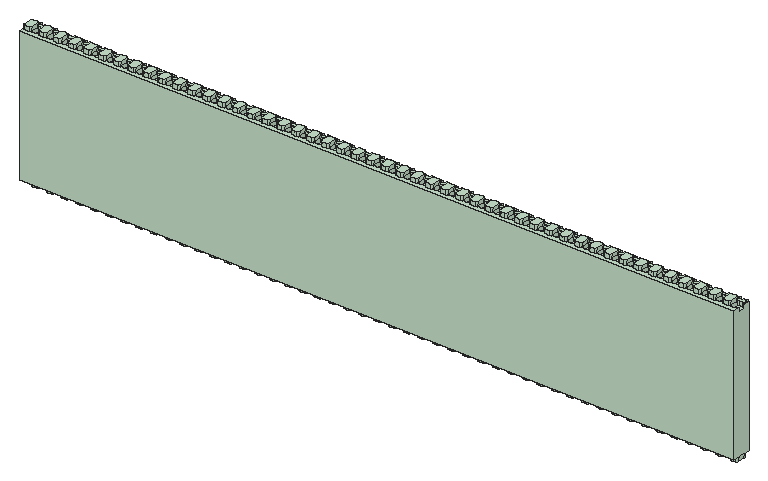
Revit family (continued)
Forms (mm)
  Extrusion 54, void
    sketch origin (254, -76.261, 0) x (-1, 0, 0) y (0, -1, 0)
      loop
        line (44.346, 92.457) -> (44.346, 86.829) -> (48.685, 86.829) -> (48.685, 95.62)
        arc (48.685, 95.62) -> (48.795, 96.199) -> (49.108, 96.698) r 1.588
        arc (49.108, 96.698) -> (50.362, 98.696) -> (50.8, 101.014) r 6.35
        line (50.8, 101.014) -> (50.8, 124.411)
        arc (50.8, 124.411) -> (49.585, 128.147) -> (46.404, 130.453) r 6.35
        arc (46.404, 130.453) -> (38.1, 131.763) -> (29.796, 130.453) r 26.987
        arc (29.796, 130.453) -> (26.615, 128.147) -> (25.4, 124.411) r 6.35
    from 0 to 12.7
  Extrusion 55, void
    sketch origin (304.8, -76.261, 0) x (-1, 0, 0) y (0, -1, 0)
      loop
        line (25.4, 124.411) -> (25.4, 101.014)
        arc (25.4, 101.014) -> (26.615, 97.278) -> (29.796, 94.972) r 6.35
        arc (29.796, 94.972) -> (36.091, 93.737) -> (42.5, 94.024) r 26.988
        arc (42.5, 94.024) -> (43.786, 93.668) -> (44.346, 92.457) r 1.587
        line (44.346, 92.457) -> (44.346, 86.829) -> (48.685, 86.829) -> (48.685, 95.62)
        arc (48.685, 95.62) -> (48.795, 96.199) -> (49.108, 96.698) r 1.588
        arc (49.108, 96.698) -> (50.362, 98.696) -> (50.8, 101.014) r 6.35
        line (50.8, 101.014) -> (50.8, 124.411)
        arc (50.8, 124.411) -> (49.585, 128.147) -> (46.404, 130.453) r 6.35
        arc (46.404, 130.453) -> (38.1, 131.763) -> (29.796, 130.453) r 26.987
        arc (29.796, 130.453) -> (26.615, 128.147) -> (25.4, 124.411) r 6.35
    from 0 to 12.7
  Extrusion 56, void
    sketch origin (355.6, -76.261, 0) x (-1, 0, 0) y (0, -1, 0)
      loop
        line (25.4, 124.411) -> (25.4, 101.014)
        arc (25.4, 101.014) -> (26.615, 97.278) -> (29.796, 94.972) r 6.35
        arc (29.796, 94.972) -> (36.091, 93.737) -> (42.5, 94.024) r 26.988
        arc (42.5, 94.024) -> (43.786, 93.668) -> (44.346, 92.457) r 1.587
        line (44.346, 92.457) -> (44.346, 86.829) -> (48.685, 86.829) -> (48.685, 95.62)
        arc (48.685, 95.62) -> (48.795, 96.199) -> (49.108, 96.698) r 1.588
        arc (49.108, 96.698) -> (50.362, 98.696) -> (50.8, 101.014) r 6.35
        line (50.8, 101.014) -> (50.8, 124.411)
        arc (50.8, 124.411) -> (49.585, 128.147) -> (46.404, 130.453) r 6.35
        arc (46.404, 130.453) -> (38.1, 131.763) -> (29.796, 130.453) r 26.987
        arc (29.796, 130.453) -> (26.615, 128.147) -> (25.4, 124.411) r 6.35
    from 0 to 12.7
  Extrusion 57, void
    sketch origin (406.4, -76.261, 0) x (-1, 0, 0) y (0, -1, 0)
      loop
        line (25.4, 124.411) -> (25.4, 101.014)
        arc (25.4, 101.014) -> (26.615, 97.278) -> (29.796, 94.972) r 6.35
        arc (29.796, 94.972) -> (36.091, 93.737) -> (42.5, 94.024) r 26.988
        arc (42.5, 94.024) -> (43.786, 93.668) -> (44.346, 92.457) r 1.587
        line (44.346, 92.457) -> (44.346, 86.829) -> (48.685, 86.829) -> (48.685, 95.62)
        arc (48.685, 95.62) -> (48.795, 96.199) -> (49.108, 96.698) r 1.588
        arc (49.108, 96.698) -> (50.362, 98.696) -> (50.8, 101.014) r 6.35
        line (50.8, 101.014) -> (50.8, 124.411)
        arc (50.8, 124.411) -> (49.585, 128.147) -> (46.404, 130.453) r 6.35
        arc (46.404, 130.453) -> (38.1, 131.763) -> (29.796, 130.453) r 26.987
        arc (29.796, 130.453) -> (26.615, 128.147) -> (25.4, 124.411) r 6.35
    from 0 to 12.7
  Extrusion 58, void
    sketch origin (457.2, -76.261, 0) x (-1, 0, 0) y (0, -1, 0)
      loop
        line (25.4, 124.411) -> (25.4, 101.014)
        arc (25.4, 101.014) -> (26.615, 97.278) -> (29.796, 94.972) r 6.35
        arc (29.796, 94.972) -> (36.091, 93.737) -> (42.5, 94.024) r 26.988
        arc (42.5, 94.024) -> (43.786, 93.668) -> (44.346, 92.457) r 1.587
        line (44.346, 92.457) -> (44.346, 86.829) -> (48.685, 86.829) -> (48.685, 95.62)
        arc (48.685, 95.62) -> (48.795, 96.199) -> (49.108, 96.698) r 1.588
        arc (49.108, 96.698) -> (50.362, 98.696) -> (50.8, 101.014) r 6.35
        line (50.8, 101.014) -> (50.8, 124.411)
        arc (50.8, 124.411) -> (49.585, 128.147) -> (46.404, 130.453) r 6.35
        arc (46.404, 130.453) -> (38.1, 131.763) -> (29.796, 130.453) r 26.987
        arc (29.796, 130.453) -> (26.615, 128.147) -> (25.4, 124.411) r 6.35
    from 0 to 12.7
  Extrusion 59, void
    sketch origin (508, -76.261, 0) x (-1, 0, 0) y (0, -1, 0)
      loop
        line (25.4, 124.411) -> (25.4, 101.014)
        arc (25.4, 101.014) -> (26.615, 97.278) -> (29.796, 94.972) r 6.35
        arc (29.796, 94.972) -> (36.091, 93.737) -> (42.5, 94.024) r 26.988
        arc (42.5, 94.024) -> (43.786, 93.668) -> (44.346, 92.457) r 1.587
        line (44.346, 92.457) -> (44.346, 86.829) -> (48.685, 86.829) -> (48.685, 95.62)
        arc (48.685, 95.62) -> (48.795, 96.199) -> (49.108, 96.698) r 1.588
        arc (49.108, 96.698) -> (50.362, 98.696) -> (50.8, 101.014) r 6.35
        line (50.8, 101.014) -> (50.8, 124.411)
        arc (50.8, 124.411) -> (49.585, 128.147) -> (46.404, 130.453) r 6.35
        arc (46.404, 130.453) -> (38.1, 131.763) -> (29.796, 130.453) r 26.987
        arc (29.796, 130.453) -> (26.615, 128.147) -> (25.4, 124.411) r 6.35
    from 0 to 12.7
  Extrusion 60, void
    sketch origin (558.8, -76.261, 0) x (-1, 0, 0) y (0, -1, 0)
      loop
        line (25.4, 124.411) -> (25.4, 101.014)
        arc (25.4, 101.014) -> (26.615, 97.278) -> (29.796, 94.972) r 6.35
        arc (29.796, 94.972) -> (36.091, 93.737) -> (42.5, 94.024) r 26.988
        arc (42.5, 94.024) -> (43.786, 93.668) -> (44.346, 92.457) r 1.587
        line (44.346, 92.457) -> (44.346, 86.829) -> (48.685, 86.829) -> (48.685, 95.62)
        arc (48.685, 95.62) -> (48.795, 96.199) -> (49.108, 96.698) r 1.588
        arc (49.108, 96.698) -> (50.362, 98.696) -> (50.8, 101.014) r 6.35
        line (50.8, 101.014) -> (50.8, 124.411)
        arc (50.8, 124.411) -> (49.585, 128.147) -> (46.404, 130.453) r 6.35
        arc (46.404, 130.453) -> (38.1, 131.763) -> (29.796, 130.453) r 26.987
        arc (29.796, 130.453) -> (26.615, 128.147) -> (25.4, 124.411) r 6.35
    from 0 to 12.7
  Extrusion 61, void
    sketch origin (609.6, -76.261, 0) x (-1, 0, 0) y (0, -1, 0)
      loop
        line (25.4, 124.411) -> (25.4, 101.014)
        arc (25.4, 101.014) -> (26.615, 97.278) -> (29.796, 94.972) r 6.35
        arc (29.796, 94.972) -> (36.091, 93.737) -> (42.5, 94.024) r 26.988
        arc (42.5, 94.024) -> (43.786, 93.668) -> (44.346, 92.457) r 1.587
        line (44.346, 92.457) -> (44.346, 86.829) -> (48.685, 86.829) -> (48.685, 95.62)
        arc (48.685, 95.62) -> (48.795, 96.199) -> (49.108, 96.698) r 1.588
        arc (49.108, 96.698) -> (50.362, 98.696) -> (50.8, 101.014) r 6.35
        line (50.8, 101.014) -> (50.8, 124.411)
        arc (50.8, 124.411) -> (49.585, 128.147) -> (46.404, 130.453) r 6.35
        arc (46.404, 130.453) -> (38.1, 131.763) -> (29.796, 130.453) r 26.987
        arc (29.796, 130.453) -> (26.615, 128.147) -> (25.4, 124.411) r 6.35
    from 0 to 12.7
  Extrusion 62, void
    sketch origin (660.4, -76.261, 0) x (-1, 0, 0) y (0, -1, 0)
      loop
        line (25.4, 124.411) -> (25.4, 101.014)
        arc (25.4, 101.014) -> (26.615, 97.278) -> (29.796, 94.972) r 6.35
        arc (29.796, 94.972) -> (36.091, 93.737) -> (42.5, 94.024) r 26.988
        arc (42.5, 94.024) -> (43.786, 93.668) -> (44.346, 92.457) r 1.587
        line (44.346, 92.457) -> (44.346, 86.829) -> (48.685, 86.829) -> (48.685, 95.62)
        arc (48.685, 95.62) -> (48.795, 96.199) -> (49.108, 96.698) r 1.588
        arc (49.108, 96.698) -> (50.362, 98.696) -> (50.8, 101.014) r 6.35
        line (50.8, 101.014) -> (50.8, 124.411)
        arc (50.8, 124.411) -> (49.585, 128.147) -> (46.404, 130.453) r 6.35
        arc (46.404, 130.453) -> (38.1, 131.763) -> (29.796, 130.453) r 26.987
        arc (29.796, 130.453) -> (26.615, 128.147) -> (25.4, 124.411) r 6.35
    from 0 to 12.7
  Extrusion 63, void
    sketch origin (711.2, -76.261, 0) x (-1, 0, 0) y (0, -1, 0)
      loop
        line (25.4, 124.411) -> (25.4, 101.014)
        arc (25.4, 101.014) -> (26.615, 97.278) -> (29.796, 94.972) r 6.35
        arc (29.796, 94.972) -> (36.091, 93.737) -> (42.5, 94.024) r 26.988
        arc (42.5, 94.024) -> (43.786, 93.668) -> (44.346, 92.457) r 1.587
        line (44.346, 92.457) -> (44.346, 86.829) -> (48.685, 86.829) -> (48.685, 95.62)
        arc (48.685, 95.62) -> (48.795, 96.199) -> (49.108, 96.698) r 1.588
        arc (49.108, 96.698) -> (50.362, 98.696) -> (50.8, 101.014) r 6.35
        line (50.8, 101.014) -> (50.8, 124.411)
        arc (50.8, 124.411) -> (49.585, 128.147) -> (46.404, 130.453) r 6.35
        arc (46.404, 130.453) -> (38.1, 131.763) -> (29.796, 130.453) r 26.987
        arc (29.796, 130.453) -> (26.615, 128.147) -> (25.4, 124.411) r 6.35
    from 0 to 12.7
  Extrusion 64, void
    sketch origin (762, -76.261, 0) x (-1, 0, 0) y (0, -1, 0)
      loop
        line (25.4, 124.411) -> (25.4, 101.014)
        arc (25.4, 101.014) -> (26.615, 97.278) -> (29.796, 94.972) r 6.35
        arc (29.796, 94.972) -> (36.091, 93.737) -> (42.5, 94.024) r 26.988
        arc (42.5, 94.024) -> (43.786, 93.668) -> (44.346, 92.457) r 1.587
        line (44.346, 92.457) -> (44.346, 86.829) -> (48.685, 86.829) -> (48.685, 95.62)
        arc (48.685, 95.62) -> (48.795, 96.199) -> (49.108, 96.698) r 1.588
        arc (49.108, 96.698) -> (50.362, 98.696) -> (50.8, 101.014) r 6.35
        line (50.8, 101.014) -> (50.8, 124.411)
        arc (50.8, 124.411) -> (49.585, 128.147) -> (46.404, 130.453) r 6.35
        arc (46.404, 130.453) -> (38.1, 131.763) -> (29.796, 130.453) r 26.987
        arc (29.796, 130.453) -> (26.615, 128.147) -> (25.4, 124.411) r 6.35
    from 0 to 12.7
  Extrusion 65, void
    sketch origin (812.8, -76.261, 0) x (-1, 0, 0) y (0, -1, 0)
      loop
        line (25.4, 124.411) -> (25.4, 101.014)
        arc (25.4, 101.014) -> (26.615, 97.278) -> (29.796, 94.972) r 6.35
        arc (29.796, 94.972) -> (36.091, 93.737) -> (42.5, 94.024) r 26.988
        arc (42.5, 94.024) -> (43.786, 93.668) -> (44.346, 92.457) r 1.587
        line (44.346, 92.457) -> (44.346, 86.829) -> (48.685, 86.829) -> (48.685, 95.62)
        arc (48.685, 95.62) -> (48.795, 96.199) -> (49.108, 96.698) r 1.588
        arc (49.108, 96.698) -> (50.362, 98.696) -> (50.8, 101.014) r 6.35
        line (50.8, 101.014) -> (50.8, 124.411)
        arc (50.8, 124.411) -> (49.585, 128.147) -> (46.404, 130.453) r 6.35
        arc (46.404, 130.453) -> (38.1, 131.763) -> (29.796, 130.453) r 26.987
        arc (29.796, 130.453) -> (26.615, 128.147) -> (25.4, 124.411) r 6.35
    from 0 to 12.7
  Extrusion 66, void
    sketch origin (863.6, -76.261, 0) x (-1, 0, 0) y (0, -1, 0)
      loop
        line (25.4, 124.411) -> (25.4, 101.014)
        arc (25.4, 101.014) -> (26.615, 97.278) -> (29.796, 94.972) r 6.35
        arc (29.796, 94.972) -> (36.091, 93.737) -> (42.5, 94.024) r 26.988
        arc (42.5, 94.024) -> (43.786, 93.668) -> (44.346, 92.457) r 1.587
        line (44.346, 92.457) -> (44.346, 86.829) -> (48.685, 86.829) -> (48.685, 95.62)
        arc (48.685, 95.62) -> (48.795, 96.199) -> (49.108, 96.698) r 1.588
        arc (49.108, 96.698) -> (50.362, 98.696) -> (50.8, 101.014) r 6.35
        line (50.8, 101.014) -> (50.8, 124.411)
        arc (50.8, 124.411) -> (49.585, 128.147) -> (46.404, 130.453) r 6.35
        arc (46.404, 130.453) -> (38.1, 131.763) -> (29.796, 130.453) r 26.987
        arc (29.796, 130.453) -> (26.615, 128.147) -> (25.4, 124.411) r 6.35
    from 0 to 12.7
  Extrusion 67, void
    sketch origin (914.4, -76.261, 0) x (-1, 0, 0) y (0, -1, 0)
      loop
        line (25.4, 124.411) -> (25.4, 101.014)
        arc (25.4, 101.014) -> (26.615, 97.278) -> (29.796, 94.972) r 6.35
        arc (29.796, 94.972) -> (36.091, 93.737) -> (42.5, 94.024) r 26.988
        arc (42.5, 94.024) -> (43.786, 93.668) -> (44.346, 92.457) r 1.587
        line (44.346, 92.457) -> (44.346, 86.829) -> (48.685, 86.829) -> (48.685, 95.62)
        arc (48.685, 95.62) -> (48.795, 96.199) -> (49.108, 96.698) r 1.588
        arc (49.108, 96.698) -> (50.362, 98.696) -> (50.8, 101.014) r 6.35
        line (50.8, 101.014) -> (50.8, 124.411)
        arc (50.8, 124.411) -> (49.585, 128.147) -> (46.404, 130.453) r 6.35
        arc (46.404, 130.453) -> (38.1, 131.763) -> (29.796, 130.453) r 26.987
        arc (29.796, 130.453) -> (26.615, 128.147) -> (25.4, 124.411) r 6.35
    from 0 to 12.7
  Extrusion 68, void
    sketch origin (965.2, -76.261, 0) x (-1, 0, 0) y (0, -1, 0)
      loop
        line (25.4, 124.411) -> (25.4, 101.014)
        arc (25.4, 101.014) -> (26.615, 97.278) -> (29.796, 94.972) r 6.35
        arc (29.796, 94.972) -> (36.091, 93.737) -> (42.5, 94.024) r 26.988
        arc (42.5, 94.024) -> (43.786, 93.668) -> (44.346, 92.457) r 1.587
        line (44.346, 92.457) -> (44.346, 86.829) -> (48.685, 86.829) -> (48.685, 95.62)
        arc (48.685, 95.62) -> (48.795, 96.199) -> (49.108, 96.698) r 1.588
        arc (49.108, 96.698) -> (50.362, 98.696) -> (50.8, 101.014) r 6.35
        line (50.8, 101.014) -> (50.8, 124.411)
        arc (50.8, 124.411) -> (49.585, 128.147) -> (46.404, 130.453) r 6.35
        arc (46.404, 130.453) -> (38.1, 131.763) -> (29.796, 130.453) r 26.987
        arc (29.796, 130.453) -> (26.615, 128.147) -> (25.4, 124.411) r 6.35
    from 0 to 12.7
  Extrusion 69, void
    sketch origin (1016, -76.261, 0) x (-1, 0, 0) y (0, -1, 0)
      loop
        line (25.4, 124.411) -> (25.4, 101.014)
        arc (25.4, 101.014) -> (26.615, 97.278) -> (29.796, 94.972) r 6.35
        arc (29.796, 94.972) -> (36.091, 93.737) -> (42.5, 94.024) r 26.988
        arc (42.5, 94.024) -> (43.786, 93.668) -> (44.346, 92.457) r 1.587
        line (44.346, 92.457) -> (44.346, 86.829) -> (48.685, 86.829) -> (48.685, 95.62)
        arc (48.685, 95.62) -> (48.795, 96.199) -> (49.108, 96.698) r 1.588
        arc (49.108, 96.698) -> (50.362, 98.696) -> (50.8, 101.014) r 6.35
        line (50.8, 101.014) -> (50.8, 124.411)
        arc (50.8, 124.411) -> (49.585, 128.147) -> (46.404, 130.453) r 6.35
        arc (46.404, 130.453) -> (38.1, 131.763) -> (29.796, 130.453) r 26.987
        arc (29.796, 130.453) -> (26.615, 128.147) -> (25.4, 124.411) r 6.35
    from 0 to 12.7
  Extrusion 70, void
    sketch origin (1066.8, -76.261, 0) x (-1, 0, 0) y (0, -1, 0)
      loop
        line (25.4, 124.411) -> (25.4, 101.014)
        arc (25.4, 101.014) -> (26.615, 97.278) -> (29.796, 94.972) r 6.35
        arc (29.796, 94.972) -> (36.091, 93.737) -> (42.5, 94.024) r 26.988
        arc (42.5, 94.024) -> (43.786, 93.668) -> (44.346, 92.457) r 1.587
        line (44.346, 92.457) -> (44.346, 86.829) -> (48.685, 86.829) -> (48.685, 95.62)
        arc (48.685, 95.62) -> (48.795, 96.199) -> (49.108, 96.698) r 1.588
        arc (49.108, 96.698) -> (50.362, 98.696) -> (50.8, 101.014) r 6.35
        line (50.8, 101.014) -> (50.8, 124.411)
        arc (50.8, 124.411) -> (49.585, 128.147) -> (46.404, 130.453) r 6.35
        arc (46.404, 130.453) -> (38.1, 131.763) -> (29.796, 130.453) r 26.987
        arc (29.796, 130.453) -> (26.615, 128.147) -> (25.4, 124.411) r 6.35
    from 0 to 12.7
  Extrusion 71, void
    sketch origin (1117.6, -76.261, 0) x (-1, 0, 0) y (0, -1, 0)
      loop
        line (25.4, 124.411) -> (25.4, 101.014)
        arc (25.4, 101.014) -> (26.615, 97.278) -> (29.796, 94.972) r 6.35
        arc (29.796, 94.972) -> (36.091, 93.737) -> (42.5, 94.024) r 26.988
        arc (42.5, 94.024) -> (43.786, 93.668) -> (44.346, 92.457) r 1.587
        line (44.346, 92.457) -> (44.346, 86.829) -> (48.685, 86.829) -> (48.685, 95.62)
        arc (48.685, 95.62) -> (48.795, 96.199) -> (49.108, 96.698) r 1.588
        arc (49.108, 96.698) -> (50.362, 98.696) -> (50.8, 101.014) r 6.35
        line (50.8, 101.014) -> (50.8, 124.411)
        arc (50.8, 124.411) -> (49.585, 128.147) -> (46.404, 130.453) r 6.35
        arc (46.404, 130.453) -> (38.1, 131.763) -> (29.796, 130.453) r 26.987
        arc (29.796, 130.453) -> (26.615, 128.147) -> (25.4, 124.411) r 6.35
    from 0 to 12.7
  Extrusion 72, void
    sketch origin (1168.4, -76.261, 0) x (-1, 0, 0) y (0, -1, 0)
      loop
        line (25.4, 124.411) -> (25.4, 101.014)
        arc (25.4, 101.014) -> (26.615, 97.278) -> (29.796, 94.972) r 6.35
        arc (29.796, 94.972) -> (36.091, 93.737) -> (42.5, 94.024) r 26.988
        arc (42.5, 94.024) -> (43.786, 93.668) -> (44.346, 92.457) r 1.587
        line (44.346, 92.457) -> (44.346, 86.829) -> (48.685, 86.829) -> (48.685, 95.62)
        arc (48.685, 95.62) -> (48.795, 96.199) -> (49.108, 96.698) r 1.588
        arc (49.108, 96.698) -> (50.362, 98.696) -> (50.8, 101.014) r 6.35
        line (50.8, 101.014) -> (50.8, 124.411)
        arc (50.8, 124.411) -> (49.585, 128.147) -> (46.404, 130.453) r 6.35
        arc (46.404, 130.453) -> (38.1, 131.763) -> (29.796, 130.453) r 26.987
        arc (29.796, 130.453) -> (26.615, 128.147) -> (25.4, 124.411) r 6.35
    from 0 to 12.7
  Extrusion 73, void
    sketch origin (1219.2, -76.261, 0) x (-1, 0, 0) y (0, -1, 0)
      loop
        line (25.4, 124.411) -> (25.4, 101.014)
        arc (25.4, 101.014) -> (26.615, 97.278) -> (29.796, 94.972) r 6.35
        arc (29.796, 94.972) -> (36.091, 93.737) -> (42.5, 94.024) r 26.988
        arc (42.5, 94.024) -> (43.786, 93.668) -> (44.346, 92.457) r 1.587
        line (44.346, 92.457) -> (44.346, 86.829) -> (48.685, 86.829) -> (48.685, 95.62)
        arc (48.685, 95.62) -> (48.795, 96.199) -> (49.108, 96.698) r 1.588
        arc (49.108, 96.698) -> (50.362, 98.696) -> (50.8, 101.014) r 6.35
        line (50.8, 101.014) -> (50.8, 124.411)
        arc (50.8, 124.411) -> (49.585, 128.147) -> (46.404, 130.453) r 6.35
        arc (46.404, 130.453) -> (38.1, 131.763) -> (29.796, 130.453) r 26.987
        arc (29.796, 130.453) -> (26.615, 128.147) -> (25.4, 124.411) r 6.35
    from 0 to 12.7
  Extrusion 74, void
    sketch origin (1270, -76.261, 0) x (-1, 0, 0) y (0, -1, 0)
      loop
        line (25.4, 124.411) -> (25.4, 101.014)
        arc (25.4, 101.014) -> (26.615, 97.278) -> (29.796, 94.972) r 6.35
        arc (29.796, 94.972) -> (36.091, 93.737) -> (42.5, 94.024) r 26.988
        arc (42.5, 94.024) -> (43.786, 93.668) -> (44.346, 92.457) r 1.587
        line (44.346, 92.457) -> (44.346, 86.829) -> (48.685, 86.829) -> (48.685, 95.62)
        arc (48.685, 95.62) -> (48.795, 96.199) -> (49.108, 96.698) r 1.588
        arc (49.108, 96.698) -> (50.362, 98.696) -> (50.8, 101.014) r 6.35
        line (50.8, 101.014) -> (50.8, 124.411)
        arc (50.8, 124.411) -> (49.585, 128.147) -> (46.404, 130.453) r 6.35
        arc (46.404, 130.453) -> (38.1, 131.763) -> (29.796, 130.453) r 26.987
        arc (29.796, 130.453) -> (26.615, 128.147) -> (25.4, 124.411) r 6.35
    from 0 to 12.7
  Extrusion 75, void
    sketch origin (1320.8, -76.261, 0) x (-1, 0, 0) y (0, -1, 0)
      loop
        line (25.4, 124.411) -> (25.4, 101.014)
        arc (25.4, 101.014) -> (26.615, 97.278) -> (29.796, 94.972) r 6.35
        arc (29.796, 94.972) -> (36.091, 93.737) -> (42.5, 94.024) r 26.988
        arc (42.5, 94.024) -> (43.786, 93.668) -> (44.346, 92.457) r 1.587
        line (44.346, 92.457) -> (44.346, 86.829) -> (48.685, 86.829) -> (48.685, 95.62)
        arc (48.685, 95.62) -> (48.795, 96.199) -> (49.108, 96.698) r 1.588
        arc (49.108, 96.698) -> (50.362, 98.696) -> (50.8, 101.014) r 6.35
        line (50.8, 101.014) -> (50.8, 124.411)
        arc (50.8, 124.411) -> (49.585, 128.147) -> (46.404, 130.453) r 6.35
        arc (46.404, 130.453) -> (38.1, 131.763) -> (29.796, 130.453) r 26.987
        arc (29.796, 130.453) -> (26.615, 128.147) -> (25.4, 124.411) r 6.35
    from 0 to 12.7
  Extrusion 76, void
    sketch origin (1371.6, -76.261, 0) x (-1, 0, 0) y (0, -1, 0)
      loop
        line (25.4, 124.411) -> (25.4, 101.014)
        arc (25.4, 101.014) -> (26.615, 97.278) -> (29.796, 94.972) r 6.35
        arc (29.796, 94.972) -> (36.091, 93.737) -> (42.5, 94.024) r 26.988
        arc (42.5, 94.024) -> (43.786, 93.668) -> (44.346, 92.457) r 1.587
        line (44.346, 92.457) -> (44.346, 86.829) -> (48.685, 86.829) -> (48.685, 95.62)
        arc (48.685, 95.62) -> (48.795, 96.199) -> (49.108, 96.698) r 1.588
        arc (49.108, 96.698) -> (50.362, 98.696) -> (50.8, 101.014) r 6.35
        line (50.8, 101.014) -> (50.8, 124.411)
        arc (50.8, 124.411) -> (49.585, 128.147) -> (46.404, 130.453) r 6.35
        arc (46.404, 130.453) -> (38.1, 131.763) -> (29.796, 130.453) r 26.987
        arc (29.796, 130.453) -> (26.615, 128.147) -> (25.4, 124.411) r 6.35
    from 0 to 12.7
  Extrusion 77, void
    sketch origin (1422.4, -76.261, 0) x (-1, 0, 0) y (0, -1, 0)
      loop
        line (25.4, 124.411) -> (25.4, 101.014)
        arc (25.4, 101.014) -> (26.615, 97.278) -> (29.796, 94.972) r 6.35
        arc (29.796, 94.972) -> (36.091, 93.737) -> (42.5, 94.024) r 26.988
        arc (42.5, 94.024) -> (43.786, 93.668) -> (44.346, 92.457) r 1.587
        line (44.346, 92.457) -> (44.346, 86.829) -> (48.685, 86.829) -> (48.685, 95.62)
        arc (48.685, 95.62) -> (48.795, 96.199) -> (49.108, 96.698) r 1.588
        arc (49.108, 96.698) -> (50.362, 98.696) -> (50.8, 101.014) r 6.35
        line (50.8, 101.014) -> (50.8, 124.411)
        arc (50.8, 124.411) -> (49.585, 128.147) -> (46.404, 130.453) r 6.35
        arc (46.404, 130.453) -> (38.1, 131.763) -> (29.796, 130.453) r 26.987
        arc (29.796, 130.453) -> (26.615, 128.147) -> (25.4, 124.411) r 6.35
    from 0 to 12.7
  Extrusion 78, void
    sketch origin (1473.2, -76.261, 0) x (-1, 0, 0) y (0, -1, 0)
      loop
        line (25.4, 124.411) -> (25.4, 101.014)
        arc (25.4, 101.014) -> (26.615, 97.278) -> (29.796, 94.972) r 6.35
        arc (29.796, 94.972) -> (36.091, 93.737) -> (42.5, 94.024) r 26.988
        arc (42.5, 94.024) -> (43.786, 93.668) -> (44.346, 92.457) r 1.587
        line (44.346, 92.457) -> (44.346, 86.829) -> (48.685, 86.829) -> (48.685, 95.62)
        arc (48.685, 95.62) -> (48.795, 96.199) -> (49.108, 96.698) r 1.588
        arc (49.108, 96.698) -> (50.362, 98.696) -> (50.8, 101.014) r 6.35
        line (50.8, 101.014) -> (50.8, 124.411)
        arc (50.8, 124.411) -> (49.585, 128.147) -> (46.404, 130.453) r 6.35
        arc (46.404, 130.453) -> (38.1, 131.763) -> (29.796, 130.453) r 26.987
        arc (29.796, 130.453) -> (26.615, 128.147) -> (25.4, 124.411) r 6.35
    from 0 to 12.7
  Extrusion 79, void
    sketch origin (1524, -76.261, 0) x (-1, 0, 0) y (0, -1, 0)
      loop
        line (25.4, 124.411) -> (25.4, 101.014)
        arc (25.4, 101.014) -> (26.615, 97.278) -> (29.796, 94.972) r 6.35
        arc (29.796, 94.972) -> (36.091, 93.737) -> (42.5, 94.024) r 26.988
        arc (42.5, 94.024) -> (43.786, 93.668) -> (44.346, 92.457) r 1.587
        line (44.346, 92.457) -> (44.346, 86.829) -> (48.685, 86.829) -> (48.685, 95.62)
        arc (48.685, 95.62) -> (48.795, 96.199) -> (49.108, 96.698) r 1.588
        arc (49.108, 96.698) -> (50.362, 98.696) -> (50.8, 101.014) r 6.35
        line (50.8, 101.014) -> (50.8, 124.411)
        arc (50.8, 124.411) -> (49.585, 128.147) -> (46.404, 130.453) r 6.35
        arc (46.404, 130.453) -> (38.1, 131.763) -> (29.796, 130.453) r 26.987
        arc (29.796, 130.453) -> (26.615, 128.147) -> (25.4, 124.411) r 6.35
    from 0 to 12.7
  Extrusion 80, void
    sketch origin (1574.8, -76.261, 0) x (-1, 0, 0) y (0, -1, 0)
      loop
        line (25.4, 124.411) -> (25.4, 101.014)
        arc (25.4, 101.014) -> (26.615, 97.278) -> (29.796, 94.972) r 6.35
        arc (29.796, 94.972) -> (36.091, 93.737) -> (42.5, 94.024) r 26.988
        arc (42.5, 94.024) -> (43.786, 93.668) -> (44.346, 92.457) r 1.587
        line (44.346, 92.457) -> (44.346, 86.829) -> (48.685, 86.829) -> (48.685, 95.62)
        arc (48.685, 95.62) -> (48.795, 96.199) -> (49.108, 96.698) r 1.588
        arc (49.108, 96.698) -> (50.362, 98.696) -> (50.8, 101.014) r 6.35
        line (50.8, 101.014) -> (50.8, 124.411)
        arc (50.8, 124.411) -> (49.585, 128.147) -> (46.404, 130.453) r 6.35
        arc (46.404, 130.453) -> (38.1, 131.763) -> (29.796, 130.453) r 26.987
        arc (29.796, 130.453) -> (26.615, 128.147) -> (25.4, 124.411) r 6.35
    from 0 to 12.7
  Extrusion 81, void
    sketch origin (1625.6, -76.261, 0) x (-1, 0, 0) y (0, -1, 0)
      loop
        line (25.4, 124.411) -> (25.4, 101.014)
        arc (25.4, 101.014) -> (26.615, 97.278) -> (29.796, 94.972) r 6.35
        arc (29.796, 94.972) -> (36.091, 93.737) -> (42.5, 94.024) r 26.988
        arc (42.5, 94.024) -> (43.786, 93.668) -> (44.346, 92.457) r 1.587
        line (44.346, 92.457) -> (44.346, 86.829) -> (48.685, 86.829) -> (48.685, 95.62)
        arc (48.685, 95.62) -> (48.795, 96.199) -> (49.108, 96.698) r 1.588
        arc (49.108, 96.698) -> (50.362, 98.696) -> (50.8, 101.014) r 6.35
        line (50.8, 101.014) -> (50.8, 124.411)
        arc (50.8, 124.411) -> (49.585, 128.147) -> (46.404, 130.453) r 6.35
        arc (46.404, 130.453) -> (38.1, 131.763) -> (29.796, 130.453) r 26.987
        arc (29.796, 130.453) -> (26.615, 128.147) -> (25.4, 124.411) r 6.35
    from 0 to 12.7
  Extrusion 82, void
    sketch origin (1676.4, -76.261, 0) x (-1, 0, 0) y (0, -1, 0)
      loop
        line (25.4, 124.411) -> (25.4, 101.014)
        arc (25.4, 101.014) -> (26.615, 97.278) -> (29.796, 94.972) r 6.35
        arc (29.796, 94.972) -> (36.091, 93.737) -> (42.5, 94.024) r 26.988
        arc (42.5, 94.024) -> (43.786, 93.668) -> (44.346, 92.457) r 1.587
        line (44.346, 92.457) -> (44.346, 86.829) -> (48.685, 86.829) -> (48.685, 95.62)
        arc (48.685, 95.62) -> (48.795, 96.199) -> (49.108, 96.698) r 1.588
        arc (49.108, 96.698) -> (50.362, 98.696) -> (50.8, 101.014) r 6.35
        line (50.8, 101.014) -> (50.8, 124.411)
        arc (50.8, 124.411) -> (49.585, 128.147) -> (46.404, 130.453) r 6.35
        arc (46.404, 130.453) -> (38.1, 131.763) -> (29.796, 130.453) r 26.987
        arc (29.796, 130.453) -> (26.615, 128.147) -> (25.4, 124.411) r 6.35
    from 0 to 12.7
  Extrusion 83, void
    sketch origin (1727.2, -76.261, 0) x (-1, 0, 0) y (0, -1, 0)
      loop
        line (25.4, 124.411) -> (25.4, 101.014)
        arc (25.4, 101.014) -> (26.615, 97.278) -> (29.796, 94.972) r 6.35
        arc (29.796, 94.972) -> (36.091, 93.737) -> (42.5, 94.024) r 26.988
        arc (42.5, 94.024) -> (43.786, 93.668) -> (44.346, 92.457) r 1.587
        line (44.346, 92.457) -> (44.346, 86.829) -> (48.685, 86.829) -> (48.685, 95.62)
        arc (48.685, 95.62) -> (48.795, 96.199) -> (49.108, 96.698) r 1.588
        arc (49.108, 96.698) -> (50.362, 98.696) -> (50.8, 101.014) r 6.35
        line (50.8, 101.014) -> (50.8, 124.411)
        arc (50.8, 124.411) -> (49.585, 128.147) -> (46.404, 130.453) r 6.35
        arc (46.404, 130.453) -> (38.1, 131.763) -> (29.796, 130.453) r 26.987
        arc (29.796, 130.453) -> (26.615, 128.147) -> (25.4, 124.411) r 6.35
    from 0 to 12.7
  Extrusion 84, void
    sketch origin (1778, -76.261, 0) x (-1, 0, 0) y (0, -1, 0)
      loop
        line (25.4, 124.411) -> (25.4, 101.014)
        arc (25.4, 101.014) -> (26.615, 97.278) -> (29.796, 94.972) r 6.35
        arc (29.796, 94.972) -> (36.091, 93.737) -> (42.5, 94.024) r 26.988
        arc (42.5, 94.024) -> (43.786, 93.668) -> (44.346, 92.457) r 1.587
        line (44.346, 92.457) -> (44.346, 86.829) -> (48.685, 86.829) -> (48.685, 95.62)
        arc (48.685, 95.62) -> (48.795, 96.199) -> (49.108, 96.698) r 1.588
        arc (49.108, 96.698) -> (50.362, 98.696) -> (50.8, 101.014) r 6.35
        line (50.8, 101.014) -> (50.8, 124.411)
        arc (50.8, 124.411) -> (49.585, 128.147) -> (46.404, 130.453) r 6.35
        arc (46.404, 130.453) -> (38.1, 131.763) -> (29.796, 130.453) r 26.987
        arc (29.796, 130.453) -> (26.615, 128.147) -> (25.4, 124.411) r 6.35
    from 0 to 12.7
  Extrusion 85, void
    sketch origin (1828.8, -76.261, 0) x (-1, 0, 0) y (0, -1, 0)
      loop
        line (25.4, 124.411) -> (25.4, 101.014)
        arc (25.4, 101.014) -> (26.615, 97.278) -> (29.796, 94.972) r 6.35
        arc (29.796, 94.972) -> (36.091, 93.737) -> (42.5, 94.024) r 26.988
        arc (42.5, 94.024) -> (43.786, 93.668) -> (44.346, 92.457) r 1.587
        line (44.346, 92.457) -> (44.346, 86.829) -> (48.685, 86.829) -> (48.685, 95.62)
        arc (48.685, 95.62) -> (48.795, 96.199) -> (49.108, 96.698) r 1.588
        arc (49.108, 96.698) -> (50.362, 98.696) -> (50.8, 101.014) r 6.35
        line (50.8, 101.014) -> (50.8, 124.411)
        arc (50.8, 124.411) -> (49.585, 128.147) -> (46.404, 130.453) r 6.35
        arc (46.404, 130.453) -> (38.1, 131.763) -> (29.796, 130.453) r 26.987
        arc (29.796, 130.453) -> (26.615, 128.147) -> (25.4, 124.411) r 6.35
    from 0 to 12.7
  Extrusion 86, void
    sketch origin (1879.6, -76.261, 0) x (-1, 0, 0) y (0, -1, 0)
      loop
        line (25.4, 124.411) -> (25.4, 101.014)
        arc (25.4, 101.014) -> (26.615, 97.278) -> (29.796, 94.972) r 6.35
        arc (29.796, 94.972) -> (36.091, 93.737) -> (42.5, 94.024) r 26.988
        arc (42.5, 94.024) -> (43.786, 93.668) -> (44.346, 92.457) r 1.587
        line (44.346, 92.457) -> (44.346, 86.829) -> (48.685, 86.829) -> (48.685, 95.62)
        arc (48.685, 95.62) -> (48.795, 96.199) -> (49.108, 96.698) r 1.588
        arc (49.108, 96.698) -> (50.362, 98.696) -> (50.8, 101.014) r 6.35
        line (50.8, 101.014) -> (50.8, 124.411)
        arc (50.8, 124.411) -> (49.585, 128.147) -> (46.404, 130.453) r 6.35
        arc (46.404, 130.453) -> (38.1, 131.763) -> (29.796, 130.453) r 26.987
        arc (29.796, 130.453) -> (26.615, 128.147) -> (25.4, 124.411) r 6.35
    from 0 to 12.7
  Extrusion 87, void
    sketch origin (1930.4, -76.261, 0) x (-1, 0, 0) y (0, -1, 0)
      loop
        line (25.4, 124.411) -> (25.4, 101.014)
        arc (25.4, 101.014) -> (26.615, 97.278) -> (29.796, 94.972) r 6.35
        arc (29.796, 94.972) -> (36.091, 93.737) -> (42.5, 94.024) r 26.988
        arc (42.5, 94.024) -> (43.786, 93.668) -> (44.346, 92.457) r 1.587
        line (44.346, 92.457) -> (44.346, 86.829) -> (48.685, 86.829) -> (48.685, 95.62)
        arc (48.685, 95.62) -> (48.795, 96.199) -> (49.108, 96.698) r 1.588
        arc (49.108, 96.698) -> (50.362, 98.696) -> (50.8, 101.014) r 6.35
        line (50.8, 101.014) -> (50.8, 124.411)
        arc (50.8, 124.411) -> (49.585, 128.147) -> (46.404, 130.453) r 6.35
        arc (46.404, 130.453) -> (38.1, 131.763) -> (29.796, 130.453) r 26.987
        arc (29.796, 130.453) -> (26.615, 128.147) -> (25.4, 124.411) r 6.35
    from 0 to 12.7
  Extrusion 88, void
    sketch origin (1981.2, -76.261, 0) x (-1, 0, 0) y (0, -1, 0)
      loop
        line (25.4, 124.411) -> (25.4, 101.014)
        arc (25.4, 101.014) -> (26.615, 97.278) -> (29.796, 94.972) r 6.35
        arc (29.796, 94.972) -> (36.091, 93.737) -> (42.5, 94.024) r 26.988
        arc (42.5, 94.024) -> (43.786, 93.668) -> (44.346, 92.457) r 1.587
        line (44.346, 92.457) -> (44.346, 86.829) -> (48.685, 86.829) -> (48.685, 95.62)
        arc (48.685, 95.62) -> (48.795, 96.199) -> (49.108, 96.698) r 1.588
        arc (49.108, 96.698) -> (50.362, 98.696) -> (50.8, 101.014) r 6.35
        line (50.8, 101.014) -> (50.8, 124.411)
        arc (50.8, 124.411) -> (49.585, 128.147) -> (46.404, 130.453) r 6.35
        arc (46.404, 130.453) -> (38.1, 131.763) -> (29.796, 130.453) r 26.987
        arc (29.796, 130.453) -> (26.615, 128.147) -> (25.4, 124.411) r 6.35
    from 0 to 12.7
  Extrusion 89, void
    sketch origin (2032, -76.261, 0) x (-1, 0, 0) y (0, -1, 0)
      loop
        line (25.4, 124.411) -> (25.4, 101.014)
        arc (25.4, 101.014) -> (26.615, 97.278) -> (29.796, 94.972) r 6.35
        arc (29.796, 94.972) -> (36.091, 93.737) -> (42.5, 94.024) r 26.988
        arc (42.5, 94.024) -> (43.786, 93.668) -> (44.346, 92.457) r 1.587
        line (44.346, 92.457) -> (44.346, 86.829) -> (48.685, 86.829) -> (48.685, 95.62)
        arc (48.685, 95.62) -> (48.795, 96.199) -> (49.108, 96.698) r 1.588
        arc (49.108, 96.698) -> (50.362, 98.696) -> (50.8, 101.014) r 6.35
        line (50.8, 101.014) -> (50.8, 124.411)
        arc (50.8, 124.411) -> (49.585, 128.147) -> (46.404, 130.453) r 6.35
        arc (46.404, 130.453) -> (38.1, 131.763) -> (29.796, 130.453) r 26.987
        arc (29.796, 130.453) -> (26.615, 128.147) -> (25.4, 124.411) r 6.35
    from 0 to 12.7
  Extrusion 90, void
    sketch origin (2082.8, -76.261, 0) x (-1, 0, 0) y (0, -1, 0)
      loop
        line (25.4, 124.411) -> (25.4, 101.014)
        arc (25.4, 101.014) -> (26.615, 97.278) -> (29.796, 94.972) r 6.35
        arc (29.796, 94.972) -> (36.091, 93.737) -> (42.5, 94.024) r 26.988
        arc (42.5, 94.024) -> (43.786, 93.668) -> (44.346, 92.457) r 1.587
        line (44.346, 92.457) -> (44.346, 86.829) -> (48.685, 86.829) -> (48.685, 95.62)
        arc (48.685, 95.62) -> (48.795, 96.199) -> (49.108, 96.698) r 1.588
        arc (49.108, 96.698) -> (50.362, 98.696) -> (50.8, 101.014) r 6.35
        line (50.8, 101.014) -> (50.8, 124.411)
        arc (50.8, 124.411) -> (49.585, 128.147) -> (46.404, 130.453) r 6.35
        arc (46.404, 130.453) -> (38.1, 131.763) -> (29.796, 130.453) r 26.987
        arc (29.796, 130.453) -> (26.615, 128.147) -> (25.4, 124.411) r 6.35
    from 0 to 12.7
  Extrusion 91, void
    sketch origin (2133.6, -76.261, 0) x (-1, 0, 0) y (0, -1, 0)
      loop
        line (25.4, 124.411) -> (25.4, 101.014)
        arc (25.4, 101.014) -> (26.615, 97.278) -> (29.796, 94.972) r 6.35
        arc (29.796, 94.972) -> (36.091, 93.737) -> (42.5, 94.024) r 26.988
        arc (42.5, 94.024) -> (43.786, 93.668) -> (44.346, 92.457) r 1.587
        line (44.346, 92.457) -> (44.346, 86.829) -> (48.685, 86.829) -> (48.685, 95.62)
        arc (48.685, 95.62) -> (48.795, 96.199) -> (49.108, 96.698) r 1.588
        arc (49.108, 96.698) -> (50.362, 98.696) -> (50.8, 101.014) r 6.35
        line (50.8, 101.014) -> (50.8, 124.411)
        arc (50.8, 124.411) -> (49.585, 128.147) -> (46.404, 130.453) r 6.35
        arc (46.404, 130.453) -> (38.1, 131.763) -> (29.796, 130.453) r 26.987
        arc (29.796, 130.453) -> (26.615, 128.147) -> (25.4, 124.411) r 6.35
    from 0 to 12.7
  Extrusion 92, void
    sketch origin (2184.4, -76.261, 0) x (-1, 0, 0) y (0, -1, 0)
      loop
        line (25.4, 124.411) -> (25.4, 101.014)
        arc (25.4, 101.014) -> (26.615, 97.278) -> (29.796, 94.972) r 6.35
        arc (29.796, 94.972) -> (36.091, 93.737) -> (42.5, 94.024) r 26.988
        arc (42.5, 94.024) -> (43.786, 93.668) -> (44.346, 92.457) r 1.587
        line (44.346, 92.457) -> (44.346, 86.829) -> (48.685, 86.829) -> (48.685, 95.62)
        arc (48.685, 95.62) -> (48.795, 96.199) -> (49.108, 96.698) r 1.588
        arc (49.108, 96.698) -> (50.362, 98.696) -> (50.8, 101.014) r 6.35
        line (50.8, 101.014) -> (50.8, 124.411)
        arc (50.8, 124.411) -> (49.585, 128.147) -> (46.404, 130.453) r 6.35
        arc (46.404, 130.453) -> (38.1, 131.763) -> (29.796, 130.453) r 26.987
        arc (29.796, 130.453) -> (26.615, 128.147) -> (25.4, 124.411) r 6.35
    from 0 to 12.7
  Extrusion 93, void
    sketch origin (2235.2, -76.261, 0) x (-1, 0, 0) y (0, -1, 0)
      loop
        line (25.4, 124.411) -> (25.4, 101.014)
        arc (25.4, 101.014) -> (26.615, 97.278) -> (29.796, 94.972) r 6.35
        arc (29.796, 94.972) -> (36.091, 93.737) -> (42.5, 94.024) r 26.988
        arc (42.5, 94.024) -> (43.786, 93.668) -> (44.346, 92.457) r 1.587
        line (44.346, 92.457) -> (44.346, 86.829) -> (48.685, 86.829) -> (48.685, 95.62)
        arc (48.685, 95.62) -> (48.795, 96.199) -> (49.108, 96.698) r 1.588
        arc (49.108, 96.698) -> (50.362, 98.696) -> (50.8, 101.014) r 6.35
        line (50.8, 101.014) -> (50.8, 124.411)
        arc (50.8, 124.411) -> (49.585, 128.147) -> (46.404, 130.453) r 6.35
        arc (46.404, 130.453) -> (38.1, 131.763) -> (29.796, 130.453) r 26.987
        arc (29.796, 130.453) -> (26.615, 128.147) -> (25.4, 124.411) r 6.35
    from 0 to 12.7
  Extrusion 94, void
    sketch origin (2286, -76.261, 0) x (-1, 0, 0) y (0, -1, 0)
      loop
        line (25.4, 124.411) -> (25.4, 101.014)
        arc (25.4, 101.014) -> (26.615, 97.278) -> (29.796, 94.972) r 6.35
        arc (29.796, 94.972) -> (36.091, 93.737) -> (42.5, 94.024) r 26.988
        arc (42.5, 94.024) -> (43.786, 93.668) -> (44.346, 92.457) r 1.587
        line (44.346, 92.457) -> (44.346, 86.829) -> (48.685, 86.829) -> (48.685, 95.62)
        arc (48.685, 95.62) -> (48.795, 96.199) -> (49.108, 96.698) r 1.588
        arc (49.108, 96.698) -> (50.362, 98.696) -> (50.8, 101.014) r 6.35
        line (50.8, 101.014) -> (50.8, 124.411)
        arc (50.8, 124.411) -> (49.585, 128.147) -> (46.404, 130.453) r 6.35
        arc (46.404, 130.453) -> (38.1, 131.763) -> (29.796, 130.453) r 26.987
        arc (29.796, 130.453) -> (26.615, 128.147) -> (25.4, 124.411) r 6.35
    from 0 to 12.7
  Extrusion 95, void
    sketch origin (2336.8, -76.261, 0) x (-1, 0, 0) y (0, -1, 0)
      loop
        line (25.4, 124.411) -> (25.4, 101.014)
        arc (25.4, 101.014) -> (26.615, 97.278) -> (29.796, 94.972) r 6.35
        arc (29.796, 94.972) -> (36.091, 93.737) -> (42.5, 94.024) r 26.988
        arc (42.5, 94.024) -> (43.786, 93.668) -> (44.346, 92.457) r 1.587
        line (44.346, 92.457) -> (44.346, 86.829) -> (48.685, 86.829) -> (48.685, 95.62)
        arc (48.685, 95.62) -> (48.795, 96.199) -> (49.108, 96.698) r 1.588
        arc (49.108, 96.698) -> (50.362, 98.696) -> (50.8, 101.014) r 6.35
        line (50.8, 101.014) -> (50.8, 124.411)
        arc (50.8, 124.411) -> (49.585, 128.147) -> (46.404, 130.453) r 6.35
        arc (46.404, 130.453) -> (38.1, 131.763) -> (29.796, 130.453) r 26.987
        arc (29.796, 130.453) -> (26.615, 128.147) -> (25.4, 124.411) r 6.35
    from 0 to 12.7
  Extrusion 96, void
    sketch origin (2387.6, -76.261, 0) x (-1, 0, 0) y (0, -1, 0)
      loop
        line (25.4, 124.411) -> (25.4, 101.014)
        arc (25.4, 101.014) -> (26.615, 97.278) -> (29.796, 94.972) r 6.35
        arc (29.796, 94.972) -> (36.091, 93.737) -> (42.5, 94.024) r 26.988
        arc (42.5, 94.024) -> (43.786, 93.668) -> (44.346, 92.457) r 1.587
        line (44.346, 92.457) -> (44.346, 86.829) -> (48.685, 86.829) -> (48.685, 95.62)
        arc (48.685, 95.62) -> (48.795, 96.199) -> (49.108, 96.698) r 1.588
        arc (49.108, 96.698) -> (50.362, 98.696) -> (50.8, 101.014) r 6.35
        line (50.8, 101.014) -> (50.8, 124.411)
        arc (50.8, 124.411) -> (49.585, 128.147) -> (46.404, 130.453) r 6.35
        arc (46.404, 130.453) -> (38.1, 131.763) -> (29.796, 130.453) r 26.987
        arc (29.796, 130.453) -> (26.615, 128.147) -> (25.4, 124.411) r 6.35
    from 0 to 12.7
  Extrusion 97, void
    sketch origin (2438.4, -76.261, 0) x (-1, 0, 0) y (0, -1, 0)
      loop
        line (25.4, 124.411) -> (25.4, 101.014)
        arc (25.4, 101.014) -> (26.615, 97.278) -> (29.796, 94.972) r 6.35
        arc (29.796, 94.972) -> (36.091, 93.737) -> (42.5, 94.024) r 26.988
        arc (42.5, 94.024) -> (43.786, 93.668) -> (44.346, 92.457) r 1.587
        line (44.346, 92.457) -> (44.346, 86.829) -> (48.685, 86.829) -> (48.685, 95.62)
        arc (48.685, 95.62) -> (48.795, 96.199) -> (49.108, 96.698) r 1.588
        arc (49.108, 96.698) -> (50.362, 98.696) -> (50.8, 101.014) r 6.35
        line (50.8, 101.014) -> (50.8, 124.411)
        arc (50.8, 124.411) -> (49.585, 128.147) -> (46.404, 130.453) r 6.35
        arc (46.404, 130.453) -> (38.1, 131.763) -> (29.796, 130.453) r 26.987
        arc (29.796, 130.453) -> (26.615, 128.147) -> (25.4, 124.411) r 6.35
    from 0 to 12.7
Cuts and joins
  Extrusion 2, Extrusion 3, Extrusion 4, Extrusion 5, Extrusion 6, Extrusion 7, Extrusion 8, Extrusion 9, Extrusion 10, Extrusion 11, Extrusion 12, Extrusion 13, Extrusion 14, Extrusion 15, Extrusion 16, Extrusion 17, Extrusion 18, Extrusion 19, Extrusion 20, Extrusion 21, Extrusion 22, Extrusion 23, Extrusion 24, Extrusion 25, Extrusion 26, Extrusion 27, Extrusion 28, Extrusion 29, Extrusion 30, Extrusion 31, Extrusion 32, Extrusion 33, Extrusion 34, Extrusion 35, Extrusion 36, Extrusion 37, Extrusion 38, Extrusion 39, Extrusion 40, Extrusion 41, Extrusion 42, Extrusion 43, Extrusion 44, Extrusion 45, Extrusion 46, Extrusion 47, Extrusion 48, Extrusion 49, Extrusion 50, Extrusion 51, Extrusion 52, Extrusion 53, Extrusion 54, Extrusion 55, Extrusion 56, Extrusion 57, Extrusion 58, Extrusion 59, Extrusion 60, Extrusion 61, Extrusion 62, Extrusion 63, Extrusion 64, Extrusion 65, Extrusion 66, Extrusion 67, Extrusion 69, Extrusion 70, Extrusion 71, Extrusion 72, Extrusion 73, Extrusion 74, Extrusion 75, Extrusion 76, Extrusion 77, Extrusion 78, Extrusion 79, Extrusion 80, Extrusion 81, Extrusion 82, Extrusion 83, Extrusion 84, Extrusion 85, Extrusion 86, Extrusion 87, Extrusion 88, Extrusion 89, Extrusion 90, Extrusion 91, Extrusion 92, Extrusion 93, Extrusion 94, Extrusion 95, Extrusion 96, Extrusion 97 cuts Extrusion 1
Lines and regions (mm)
  model lines
    curve 1: line (203.2, -219.136, 457.2) -> (203.2, -219.136, 0)
Dimensions and locks
  aligned and locked: level to plane 2
  aligned and locked: level to Extrusion 1
  aligned and locked: nested 109 to cut or joined group of Extrusion 1, Extrusion 2, Extrusion 3, Extrusion 4, Extrusion 5, Extrusion 6, Extrusion 7, Extrusion 8, Extrusion 9, Extrusion 10, Extrusion 11, Extrusion 12, Extrusion 13, Extrusion 14, Extrusion 15, Extrusion 16, Extrusion 17, Extrusion 18, Extrusion 19, Extrusion 20, Extrusion 21, Extrusion 22, Extrusion 23, Extrusion 24, Extrusion 25, Extrusion 26, Extrusion 27, Extrusion 28, Extrusion 29, Extrusion 30, Extrusion 31, Extrusion 32, Extrusion 33, Extrusion 34, Extrusion 35, Extrusion 36, Extrusion 37, Extrusion 38, Extrusion 39, Extrusion 40, Extrusion 41, Extrusion 42, Extrusion 43, Extrusion 44, Extrusion 45, Extrusion 46, Extrusion 47, Extrusion 48, Extrusion 49, Extrusion 50, Extrusion 51, Extrusion 52, Extrusion 53, Extrusion 54, Extrusion 55, Extrusion 56, Extrusion 57, Extrusion 58, Extrusion 59, Extrusion 60, Extrusion 61, Extrusion 62, Extrusion 63, Extrusion 64, Extrusion 65, Extrusion 66, Extrusion 67, Extrusion 69, Extrusion 70, Extrusion 71, Extrusion 72, Extrusion 73, Extrusion 74, Extrusion 75, Extrusion 76, Extrusion 77, Extrusion 78, Extrusion 79, Extrusion 80, Extrusion 81, Extrusion 82, Extrusion 83, Extrusion 84, Extrusion 85, Extrusion 86, Extrusion 87, Extrusion 88, Extrusion 89, Extrusion 90, Extrusion 91, Extrusion 92, Extrusion 93, Extrusion 94, Extrusion 95, Extrusion 96, Extrusion 97
Nested families
  nested 1: "NUDURA Diamond Pattern" at (0, -76.261, 0), type "NUDURA Diamond Pattern"
  nested 2: "NUDURA Diamond Pattern" at (406.4, -76.261, 0), type "NUDURA Diamond Pattern"
  nested 3: "NUDURA Diamond Pattern" at (609.6, -76.261, 0), type "NUDURA Diamond Pattern"
  nested 4: "NUDURA Diamond Pattern" at (1016, -76.261, 0), type "NUDURA Diamond Pattern"
  nested 5: "NUDURA Diamond Pattern" at (1219.2, -76.261, 0), type "NUDURA Diamond Pattern"
  nested 6: "NUDURA Diamond Pattern" at (1625.6, -76.261, 0), type "NUDURA Diamond Pattern"
  nested 7: "NUDURA Diamond Pattern" at (1828.8, -76.261, 0), type "NUDURA Diamond Pattern"
  nested 8: "NUDURA Diamond Pattern" at (2235.2, -76.261, 0), type "NUDURA Diamond Pattern"
  nested 9: "Interlock Tooth" at (0, -76.261, 0), type "Interlock Tooth"
  nested 10: "Interlock Tooth" at (50.8, -76.261, 0), type "Interlock Tooth"
  nested 11: "Interlock Tooth" at (101.6, -76.261, 0), type "Interlock Tooth"
  nested 12: "Interlock Tooth" at (152.4, -76.261, 0), type "Interlock Tooth"
  nested 13: "Interlock Tooth" at (203.2, -76.261, 0), type "Interlock Tooth"
  nested 14: "Interlock Tooth" at (254, -76.261, 0), type "Interlock Tooth"
  nested 15: "Interlock Tooth" at (304.8, -76.261, 0), type "Interlock Tooth"
  nested 16: "Interlock Tooth" at (355.6, -76.261, 0), type "Interlock Tooth"
  nested 17: "Interlock Tooth" at (406.4, -76.261, 0), type "Interlock Tooth"
  nested 18: "Interlock Tooth" at (457.2, -76.261, 0), type "Interlock Tooth"
  nested 19: "Interlock Tooth" at (508, -76.261, 0), type "Interlock Tooth"
  nested 20: "Interlock Tooth" at (558.8, -76.261, 0), type "Interlock Tooth"
  nested 21: "Interlock Tooth" at (609.6, -76.261, 0), type "Interlock Tooth"
  nested 22: "Interlock Tooth" at (660.4, -76.261, 0), type "Interlock Tooth"
  nested 23: "Interlock Tooth" at (711.2, -76.261, 0), type "Interlock Tooth"
  nested 24: "Interlock Tooth" at (762, -76.261, 0), type "Interlock Tooth"
  nested 25: "Interlock Tooth" at (812.8, -76.261, 0), type "Interlock Tooth"
  nested 26: "Interlock Tooth" at (863.6, -76.261, 0), type "Interlock Tooth"
  nested 27: "Interlock Tooth" at (914.4, -76.261, 0), type "Interlock Tooth"
  nested 28: "Interlock Tooth" at (965.2, -76.261, 0), type "Interlock Tooth"
  nested 29: "Interlock Tooth" at (1016, -76.261, 0), type "Interlock Tooth"
  nested 30: "Interlock Tooth" at (1066.8, -76.261, 0), type "Interlock Tooth"
  nested 31: "Interlock Tooth" at (1117.6, -76.261, 0), type "Interlock Tooth"
  nested 32: "Interlock Tooth" at (1168.4, -76.261, 0), type "Interlock Tooth"
  nested 33: "Interlock Tooth" at (1219.2, -76.261, 0), type "Interlock Tooth"
  nested 34: "Interlock Tooth" at (1270, -76.261, 0), type "Interlock Tooth"
  nested 35: "Interlock Tooth" at (1320.8, -76.261, 0), type "Interlock Tooth"
  nested 36: "Interlock Tooth" at (1371.6, -76.261, 0), type "Interlock Tooth"
  nested 37: "Interlock Tooth" at (1422.4, -76.261, 0), type "Interlock Tooth"
  nested 38: "Interlock Tooth" at (1473.2, -76.261, 0), type "Interlock Tooth"
  nested 39: "Interlock Tooth" at (1524, -76.261, 0), type "Interlock Tooth"
  nested 40: "Interlock Tooth" at (1574.8, -76.261, 0), type "Interlock Tooth"
  nested 41: "Interlock Tooth" at (1625.6, -76.261, 0), type "Interlock Tooth"
  nested 42: "Interlock Tooth" at (1676.4, -76.261, 0), type "Interlock Tooth"
  nested 43: "Interlock Tooth" at (1727.2, -76.261, 0), type "Interlock Tooth"
  nested 44: "Interlock Tooth" at (1778, -76.261, 0), type "Interlock Tooth"
  nested 45: "Interlock Tooth" at (1828.8, -76.261, 0), type "Interlock Tooth"
  nested 46: "Interlock Tooth" at (1879.6, -76.261, 0), type "Interlock Tooth"
  nested 47: "Interlock Tooth" at (1930.4, -76.261, 0), type "Interlock Tooth"
  nested 48: "Interlock Tooth" at (1981.2, -76.261, 0), type "Interlock Tooth"
  nested 49: "Interlock Tooth" at (2032, -76.261, 0), type "Interlock Tooth"
  nested 50: "Interlock Tooth" at (2082.8, -76.261, 0), type "Interlock Tooth"
  nested 51: "Interlock Tooth" at (2133.6, -76.261, 0), type "Interlock Tooth"
  nested 52: "Interlock Tooth" at (2184.4, -76.261, 0), type "Interlock Tooth"
  nested 53: "Interlock Tooth" at (2235.2, -76.261, 0), type "Interlock Tooth"
  nested 54: "Interlock Tooth" at (2286, -76.261, 0), type "Interlock Tooth"
  nested 55: "Interlock Tooth" at (2336.8, -76.261, 0), type "Interlock Tooth"
  nested 56: "Interlock Tooth" at (2387.6, -76.261, 0), type "Interlock Tooth"
  nested 57: "Interlock Tooth" at (25.4, -301.686, -469.9), type "Interlock Tooth"
  nested 58: "Interlock Tooth" at (76.2, -301.686, -469.9), type "Interlock Tooth"
  nested 59: "Interlock Tooth" at (127, -301.686, -469.9), type "Interlock Tooth"
  nested 60: "Interlock Tooth" at (177.8, -301.686, -469.9), type "Interlock Tooth"
  nested 61: "Interlock Tooth" at (228.6, -301.686, -469.9), type "Interlock Tooth"
  nested 62: "Interlock Tooth" at (279.4, -301.686, -469.9), type "Interlock Tooth"
  nested 63: "Interlock Tooth" at (330.2, -301.686, -469.9), type "Interlock Tooth"
  nested 64: "Interlock Tooth" at (381, -301.686, -469.9), type "Interlock Tooth"
  nested 65: "Interlock Tooth" at (431.8, -301.686, -469.9), type "Interlock Tooth"
  nested 66: "Interlock Tooth" at (482.6, -301.686, -469.9), type "Interlock Tooth"
  nested 67: "Interlock Tooth" at (533.4, -301.686, -469.9), type "Interlock Tooth"
  nested 68: "Interlock Tooth" at (584.2, -301.686, -469.9), type "Interlock Tooth"
  nested 69: "Interlock Tooth" at (635, -301.686, -469.9), type "Interlock Tooth"
  nested 70: "Interlock Tooth" at (685.8, -301.686, -469.9), type "Interlock Tooth"
  nested 71: "Interlock Tooth" at (736.6, -301.686, -469.9), type "Interlock Tooth"
  nested 72: "Interlock Tooth" at (787.4, -301.686, -469.9), type "Interlock Tooth"
  nested 73: "Interlock Tooth" at (838.2, -301.686, -469.9), type "Interlock Tooth"
  nested 74: "Interlock Tooth" at (889, -301.686, -469.9), type "Interlock Tooth"
  nested 75: "Interlock Tooth" at (939.8, -301.686, -469.9), type "Interlock Tooth"
  nested 76: "Interlock Tooth" at (990.6, -301.686, -469.9), type "Interlock Tooth"
  nested 77: "Interlock Tooth" at (1041.4, -301.686, -469.9), type "Interlock Tooth"
  nested 78: "Interlock Tooth" at (1092.2, -301.686, -469.9), type "Interlock Tooth"
  nested 79: "Interlock Tooth" at (1143, -301.686, -469.9), type "Interlock Tooth"
  nested 80: "Interlock Tooth" at (1193.8, -301.686, -469.9), type "Interlock Tooth"
  nested 81: "Interlock Tooth" at (1244.6, -301.686, -469.9), type "Interlock Tooth"
  nested 82: "Interlock Tooth" at (1295.4, -301.686, -469.9), type "Interlock Tooth"
  nested 83: "Interlock Tooth" at (1346.2, -301.686, -469.9), type "Interlock Tooth"
  nested 84: "Interlock Tooth" at (1397, -301.686, -469.9), type "Interlock Tooth"
  nested 85: "Interlock Tooth" at (1447.8, -301.686, -469.9), type "Interlock Tooth"
  nested 86: "Interlock Tooth" at (1498.6, -301.686, -469.9), type "Interlock Tooth"
  nested 87: "Interlock Tooth" at (1549.4, -301.686, -469.9), type "Interlock Tooth"
  nested 88: "Interlock Tooth" at (1600.2, -301.686, -469.9), type "Interlock Tooth"
  nested 89: "Interlock Tooth" at (1651, -301.686, -469.9), type "Interlock Tooth"
  nested 90: "Interlock Tooth" at (1701.8, -301.686, -469.9), type "Interlock Tooth"
  nested 91: "Interlock Tooth" at (1752.6, -301.686, -469.9), type "Interlock Tooth"
  nested 92: "Interlock Tooth" at (1803.4, -301.686, -469.9), type "Interlock Tooth"
  nested 93: "Interlock Tooth" at (1854.2, -301.686, -469.9), type "Interlock Tooth"
  nested 94: "Interlock Tooth" at (1905, -301.686, -469.9), type "Interlock Tooth"
  nested 95: "Interlock Tooth" at (1955.8, -301.686, -469.9), type "Interlock Tooth"
  nested 96: "Interlock Tooth" at (2006.6, -301.686, -469.9), type "Interlock Tooth"
  nested 97: "Interlock Tooth" at (2057.4, -301.686, -469.9), type "Interlock Tooth"
  nested 98: "Interlock Tooth" at (2108.2, -301.686, -469.9), type "Interlock Tooth"
  nested 99: "Interlock Tooth" at (2159, -301.686, -469.9), type "Interlock Tooth"
  nested 100: "Interlock Tooth" at (2209.8, -301.686, -469.9), type "Interlock Tooth"
  nested 101: "Interlock Tooth" at (2260.6, -301.686, -469.9), type "Interlock Tooth"
  nested 102: "Interlock Tooth" at (2311.4, -301.686, -469.9), type "Interlock Tooth"
  nested 103: "Interlock Tooth" at (2362.2, -301.686, -469.9), type "Interlock Tooth"
  nested 104: "Interlock Tooth" at (2413, -301.686, -469.9), type "Interlock Tooth"
  nested 105: "NUDURA Logo Diamond" at (0, -219.136, 0), type "NUDURA Logo Diamond"
  nested 106: "NUDURA Logo Diamond" at (609.6, -219.136, 0), type "NUDURA Logo Diamond"
  nested 107: "NUDURA Logo Diamond" at (1219.2, -219.136, 0), type "NUDURA Logo Diamond"
  nested 108: "NUDURA Logo Diamond" at (1828.8, -219.136, 0), type "NUDURA Logo Diamond"
  nested 109: "Capture Lugs" at (101.6, -76.261, 0), type "Capture Lugs"
  nested 110: "Capture Lugs" at (304.8, -76.261, 0), type "Capture Lugs"
  nested 111: "Capture Lugs" at (508, -76.261, 0), type "Capture Lugs"
  nested 112: "Capture Lugs" at (711.2, -76.261, 0), type "Capture Lugs"
  nested 113: "Capture Lugs" at (914.4, -76.261, 0), type "Capture Lugs"
  nested 114: "Capture Lugs" at (1117.6, -76.261, 0), type "Capture Lugs"
  nested 115: "Capture Lugs" at (1320.8, -76.261, 0), type "Capture Lugs"
  nested 116: "Capture Lugs" at (1524, -76.261, 0), type "Capture Lugs"
  nested 117: "Capture Lugs" at (1727.2, -76.261, 0), type "Capture Lugs"
  nested 118: "Capture Lugs" at (1930.4, -76.261, 0), type "Capture Lugs"
  nested 119: "Capture Lugs" at (2133.6, -76.261, 0), type "Capture Lugs"
  nested 120: "Capture Lugs" at (2336.8, -76.261, 0), type "Capture Lugs"
Definition of nested family "Interlock Tooth"
  Reference planes
    plane 1 "Center (Front/Back)": y = 0
    plane 2: z = 0
    plane 3 "Center (Left/Right)": x = 0
    plane 4: z = 457.2
    plane 5: z = 469.9
    plane 6: z = -12.7
  Forms (mm)
    Extrusion 1, solid, material "NUDURA Expanded Polystyrene Foam Insulation"
      sketch origin (0, -225.425, 0) x (1, 0, 0) y (0, 1, 0)
        loop
          arc (0, 101.014) -> (1.215, 97.278) -> (4.396, 94.972) r 6.35
          arc (4.396, 94.972) -> (12.7, 93.663) -> (21.004, 94.972) r 26.988
          arc (21.004, 94.972) -> (24.185, 97.278) -> (25.4, 101.014) r 6.35
          line (25.4, 101.014) -> (25.4, 124.411)
          arc (25.4, 124.411) -> (24.185, 128.147) -> (21.004, 130.453) r 6.35
          arc (21.004, 130.453) -> (12.7, 131.763) -> (4.396, 130.453) r 26.987
          arc (4.396, 130.453) -> (1.215, 128.147) -> (0, 124.411) r 6.35
          line (0, 124.411) -> (0, 101.014)
      from 457.2 to 469.9
  Dimensions and locks
    locked: plane 4 to level at 457.2
    locked: plane 4 to plane 5 at 12.7
    locked: plane 6 to level at 12.7
Definition of nested family "Capture Lugs"
  Reference planes
    plane 1 "Center (Front/Back)": y = 0
    plane 2: z = 0
    plane 3 "Center (Left/Right)": x = 0
  Forms (mm)
    Extrusion 1, solid, material "High Density Polystyrene"
      sketch origin (0, 0, 0) x (0, 1, 0) y (0, 0, 1)
        loop
          arc (-82.55, 0) -> (-81.817, 0.502) -> (-81.534, 1.344) r 1.397
          line (-81.534, 1.344) -> (-81.534, 449.4)
          arc (-81.534, 449.4) -> (-81.817, 450.243) -> (-82.55, 450.744) r 1.397
          line (-82.55, 450.744) -> (-82.55, 0)
      from 9.227 to -9.227
    Extrusion 2, solid, material "High Density Polystyrene"
      sketch origin (0, 0, 0) x (0, 1, 0) y (0, 0, 1)
        loop
          line (-81.534, 410.919) -> (-81.534, 380.439) -> (-68.834, 380.439) -> (-68.834, 410.919) -> (-81.534, 410.919)
        loop
          line (-81.534, 361.389) -> (-81.534, 330.909) -> (-68.834, 330.909) -> (-68.834, 361.389) -> (-81.534, 361.389)
        loop
          line (-81.534, 311.859) -> (-81.534, 281.379) -> (-68.834, 281.379) -> (-68.834, 311.859) -> (-81.534, 311.859)
        loop
          line (-81.534, 262.329) -> (-81.534, 234.897) -> (-68.834, 234.897) -> (-68.834, 262.329) -> (-81.534, 262.329)
        loop
          line (-81.534, 215.847) -> (-81.534, 188.415) -> (-68.834, 188.415) -> (-68.834, 215.847) -> (-81.534, 215.847)
        loop
          line (-81.534, 169.365) -> (-81.534, 138.885) -> (-68.834, 138.885) -> (-68.834, 169.365) -> (-81.534, 169.365)
        loop
          line (-81.534, 119.835) -> (-81.534, 89.355) -> (-68.834, 89.355) -> (-68.834, 119.835) -> (-81.534, 119.835)
        loop
          line (-81.534, 70.305) -> (-81.534, 39.825) -> (-68.834, 39.825) -> (-68.834, 70.305) -> (-81.534, 70.305)
      from 6.35 to -6.35
    Extrusion 3, void
      sketch origin (0, 0, 0) x (1, 0, 0) y (0, 1, 0)
        loop
          arc (-6.35, -70.929) -> (-5.736, -69.448) -> (-4.255, -68.834) r 2.095
          line (-4.255, -68.834) -> (-6.35, -68.834) -> (-6.35, -70.929)
      from 0 to 457.2
    Extrusion 4, void
      sketch origin (0, 0, 0) x (-1, 0, 0) y (0, -1, 0)
        loop
          line (-6.35, 70.929) -> (-6.35, 68.834) -> (-4.255, 68.834)
